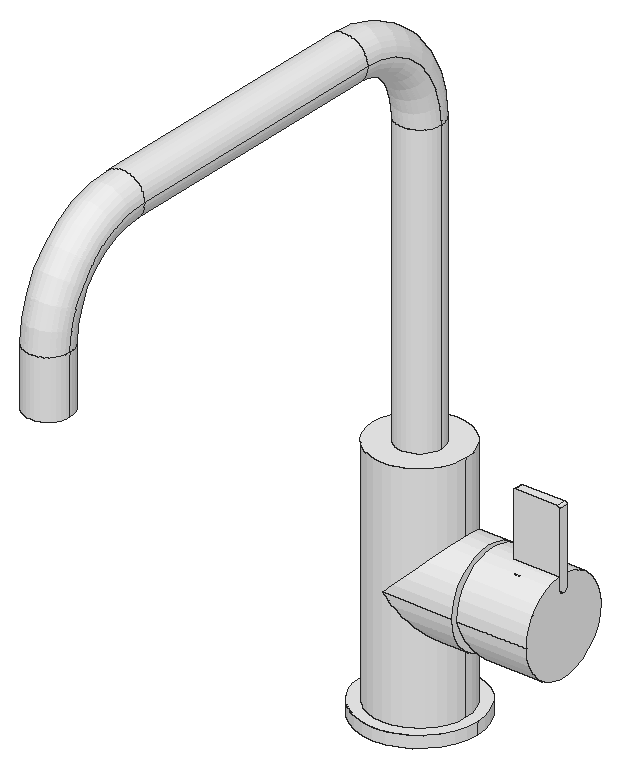
Revit family "CL10017-C4A_CLARK ROUND BLADE SINK MIXER", category Plumbing Fixtures, host Face, Revit 2015
Parameters (values of type "CLARK ROUND BLADE SINK MIXER - Chrome")
  Waste Connection = no
  WELSRating_ANZRS = "4 Star"
  Vent Connection = no
  URL = "https://www.clark.com.au/"
  Model = "CL10017.C4A"
  Material_Handle = GWA_Metal-Chrome
  Material_Base = GWA_Metal-Chrome
  Manufacturer = "GWA Bathrooms & Kitchens"  # constant formula
  HW Connection = yes
  Description = "CLARK ROUND BLADE SINK MIXER"
  Default Elevation = 900 mm
  CreatedBy_ANZRS = "GWA Bathrooms & Kitchens"  # constant formula
  CW Connection = yes
  Assembly Code = "C1030220"
Types (4, lengths in mm): name | Model | Material_Handle | Material_Base
  (no name) | "CL10017.C4A" | GWA_Metal-Chrome | GWA_Metal-Chrome
  CLARK ROUND BLADE SINK MIXER - Chrome | "CL10017.C4A" | GWA_Metal-Chrome | GWA_Metal-Chrome
  CLARK ROUND BLADE SINK MIXER - Black | "CL10017.B4A" | GWA-Metal-Black | GWA-Metal-Black
  CLARK ROUND BLADE SINK MIXER - Black/Brass | "CL10017.BB4A" | GWA-Metal-Brass | GWA-Metal-Black
Reference planes
  plane 1 "Center (Front/Back)": y = 0
  plane 2: z = 0
  plane 3 "Center (Left/Right)": x = 0
Forms (mm)
  Revolve 1, solid, material "GWA_Metal-Chrome" <- "Material_Base"
    sketch origin (30, 0, 55) x (0, 0, -1) y (1, 0, 0)
      loop
        line (0, 0) -> (17, 0)
        arc (17, 0) -> (16.166, 5.258) -> (13.748, 10) r 17
        line (13.748, 10) -> (0, 10) -> (0, 0)
      axis (0, 10) -> (0, 0)
    angle from 0 to 360
  Extrusion 2, solid, material "GWA_Metal-Chrome" <- "Material_Base"
    sketch origin (0, 0, 0) x (1, 0, 0) y (0, 1, 0)
      loop
        circle (0, 0) r 25
    from 0 to 5
  Extrusion 3, solid, material "GWA_Metal-Chrome" <- "Material_Base"
    sketch origin (0, 0, 0) x (1, 0, 0) y (0, 1, 0)
      loop
        circle (0, 0) r 20
    from 5 to 105
  Extrusion 4, solid, material "GWA_Metal-Chrome" <- "Material_Base"
    sketch origin (29, 0, 55) x (0, 1, 0) y (0, 0, 1)
      loop
        circle (0, 0) r 20
    from 3 to 33
  Extrusion 5, solid, material "GWA_Metal-Chrome" <- "Material_Handle"
    sketch origin (29, 0, 55) x (0, 1, 0) y (0, 0, 1)
      loop
        line (-2, 47) -> (-2, 15)
        arc (-2, 15) -> (0, 13) -> (2, 15) r 2
        line (2, 15) -> (2, 47) -> (-2, 47)
    from 13 to 33
  Extrusion 6, void
    sketch origin (29, 0, 55) x (0, 1, 0) y (0, 0, 1)
      loop
        line (-2, 19.9) -> (-2, 15)
        arc (-2, 15) -> (0, 13) -> (2, 15) r 2
        line (2, 15) -> (2, 19.9) -> (2, 24.009) -> (-2, 24.009) -> (-2, 19.9)
    from 13 to 35
  Extrusion 7, void
    sketch origin (29, 0, 55) x (0, 0, -1) y (1, 0, 0)
      loop
        line (-46, 33) -> (-46, 35) -> (-49, 35) -> (-49, 32) -> (-47, 32)
        arc (-47, 32) -> (-46.707, 32.707) -> (-46, 33) r 1
    from -5 to 5
  Extrusion 8, void
    sketch origin (75, 0, 55) x (0, 0, -1) y (1, 0, 0)
      loop
        arc (-46, -33) -> (-46.707, -32.707) -> (-47, -32) r 1
        line (-47, -32) -> (-49, -32) -> (-49, -35) -> (-46, -35) -> (-46, -33)
    from -5 to 5
  Extrusion 9, void
    sketch origin (29, 0, 55) x (0, 0, -1) y (1, 0, 0)
      loop
        line (24.647, 11.996) -> (0, 3) -> (0, 1.996) -> (24.647, 1.996) -> (24.647, 11.996)
    from -25 to 25
  Revolve 10, solid, material "GWA_Metal-Chrome" <- "Material_Base", not visible
    sketch origin (0, 0, 115) x (0, 1, 0) y (0, 0, 1)
      loop
        line (0, 0) -> (18, 0)
        arc (18, 0) -> (16.173, 7.902) -> (11.062, 14.2) r 18
        line (11.062, 14.2) -> (0, 14.2) -> (0, 0)
      axis (0, 14.2) -> (0, 0)
    angle from 0 to 360
  Extrusion 11, solid, material "GWA_Metal-Chrome" <- "Material_Base", not visible
    sketch origin (0, 0, 115) x (-1, 0, 0) y (0, -1, 0)
      loop
        circle (0, 0) r 20
    from 3 to 33
  Extrusion 12, solid, material "GWA_Metal-Chrome" <- "Material_Handle", not visible
    sketch origin (0, 0, 115) x (-1, 0, 0) y (0, -1, 0)
      loop
        line (-2, 47) -> (-2, 15)
        arc (-2, 15) -> (0, 13) -> (2, 15) r 2
        line (2, 15) -> (2, 47) -> (-2, 47)
    from 13 to 33
  Extrusion 13, void, not visible
    sketch origin (0, 0, 115) x (-1, 0, 0) y (0, -1, 0)
      loop
        line (-2, 19.9) -> (-2, 15)
        arc (-2, 15) -> (0, 13) -> (2, 15) r 2
        line (2, 15) -> (2, 19.9) -> (2, 24.009) -> (-2, 24.009) -> (-2, 19.9)
    from 13 to 35
  Extrusion 14, void, not visible
    sketch origin (0, 0, 115) x (0, 1, 0) y (0, 0, 1)
      loop
        line (-46, 33) -> (-46, 35) -> (-49, 35) -> (-49, 32) -> (-47, 32)
        arc (-47, 32) -> (-46.707, 32.707) -> (-46, 33) r 1
    from -5 to 5
  Extrusion 15, void, not visible
    sketch origin (0, 0, 161) x (0, 1, 0) y (0, 0, 1)
      loop
        arc (-46, -33) -> (-46.707, -32.707) -> (-47, -32) r 1
        line (-47, -32) -> (-49, -32) -> (-49, -35) -> (-46, -35) -> (-46, -33)
    from -5 to 5
  Extrusion 16, void, not visible
    sketch origin (0, 0, 115) x (0, 1, 0) y (0, 0, 1)
      loop
        line (24.647, 11.996) -> (0, 3) -> (0, 1.996) -> (24.647, 1.996) -> (24.647, 11.996)
    from -25 to 25
  Extrusion 17, solid, material "GWA_Metal-Chrome" <- "Material_Base"
    sketch origin (0, 0, 20) x (0, 1, 0) y (0, 0, 1)
      loop
        circle (0, 35) r 20
    from 0 to 30
  Sweep 18, solid, material "GWA_Metal-Chrome" <- "Material_Base"
    path origin (0, 0, 0) x (0, 1, 0) y (0, 0, 1)
      loop
        line (0, 105) -> (0, 230)
        arc (0, 230) -> (-11.716, 258.284) -> (-40, 270) r 40
        line (-40, 270) -> (-160, 270)
        arc (-160, 270) -> (-188.284, 258.284) -> (-200, 230) r 40
        line (-200, 230) -> (-200, 205)
    profile origin (0, 0, 167.5) x (0, -1, 0) y (1, 0, 0)
      loop
        circle (0, 0) r 9.5
Cuts and joins
  Extrusion 6 cuts Extrusion 3
  joined: Extrusion 3, Extrusion 17
  Extrusion 6, Extrusion 9 cuts Extrusion 4
  Extrusion 9 cuts Extrusion 2
  Extrusion 7, Extrusion 8 cuts Extrusion 5
Lines and regions (mm)
  Masking region 1
    outline origin (0, 0, 0) x (1, 0, 0) y (0, 1, 0)
      loop
        arc (15, 20) -> (-21.737, 12.349) -> (-9.5, -23.125) r 25
        line (-9.5, -23.125) -> (-9.5, -200)
        arc (-9.5, -200) -> (0, -209.5) -> (9.5, -200) r 9.5
        line (9.5, -200) -> (9.5, -23.125)
        arc (9.5, -23.125) -> (12.349, -21.737) -> (15, -20) r 25
        line (15, -20) -> (30, -20) -> (30, -17)
        arc (30, -17) -> (31.002, -16.97) -> (32, -16.882) r 17
        line (32, -16.882) -> (32, -20) -> (62, -20) -> (62, 20) -> (32, 20) -> (32, 16.882)
        arc (32, 16.882) -> (31.002, 16.97) -> (30, 17) r 17
        line (30, 17) -> (30, 20) -> (15, 20)
  Masking region 2
    outline origin (0, 0, 0) x (1, 0, 0) y (0, 0, 1)
      loop
        line (-25, 0) -> (25, 0) -> (25, 5) -> (20, 5) -> (20, 35) -> (30, 35) -> (30, 38)
        arc (30, 38) -> (33.882, 38.449) -> (37.558, 39.773) r 17
        line (37.558, 39.773) -> (39.3, 35) -> (62, 35) -> (62, 101)
        arc (62, 101) -> (61.707, 101.707) -> (61, 102) r 1
        line (61, 102) -> (43, 102)
        arc (43, 102) -> (42.293, 101.707) -> (42, 101) r 1
        line (42, 101) -> (42, 75) -> (32, 75) -> (32, 71.882)
        arc (32, 71.882) -> (31.002, 71.97) -> (30, 72) r 17
        line (30, 72) -> (30, 75) -> (20, 75) -> (20, 105) -> (9.5, 105) -> (9.5, 270)
        arc (9.5, 270) -> (0, 279.5) -> (-9.5, 270) r 9.5
        line (-9.5, 270) -> (-9.5, 105) -> (-20, 105) -> (-20, 5) -> (-25, 5) -> (-25, 0)
  Masking region 3
    outline origin (0, 0, 0) x (0, 1, 0) y (0, 0, 1)
      loop
        line (-25, 0) -> (25, 0) -> (25, 5) -> (20, 5) -> (20, 105) -> (9.5, 105) -> (9.5, 230)
        arc (9.5, 230) -> (-4.998, 265.002) -> (-40, 279.5) r 49.5
        line (-40, 279.5) -> (-160, 279.5)
        arc (-160, 279.5) -> (-195.002, 265.002) -> (-209.5, 230) r 49.5
        line (-209.5, 230) -> (-209.5, 205) -> (-190.5, 205) -> (-190.5, 230)
        arc (-190.5, 230) -> (-181.567, 251.567) -> (-160, 260.5) r 30.5
        line (-160, 260.5) -> (-40, 260.5)
        arc (-40, 260.5) -> (-18.433, 251.567) -> (-9.5, 230) r 30.5
        line (-9.5, 230) -> (-9.5, 105) -> (-20, 105) -> (-20, 5) -> (-25, 5) -> (-25, 0)
  symbolic lines
    curve 1: line (0, -20, 5) -> (0, 20, 5)
    curve 2: line (-20, 0, 5) -> (20, 0, 5)
    curve 3: line (-9.5, -23.125, 0) -> (-9.5, 0, 0)
    curve 4: arc (-9.5, 0, 0) -> (0, 9.5, 0) -> (9.5, 0, 0) r 9.5
    curve 5: line (9.5, 0, 0) -> (9.5, -23.125, 0)
    curve 6: arc (9.5, -17.6, 0) -> (0, 20, 0) -> (-9.5, -17.6, 0) r 20
    curve 7: line (42, 2, 0) -> (62, 2, 0)
    curve 8: line (42, 2, 0) -> (42, -2, 0)
    curve 9: line (42, -2, 0) -> (62, -2, 0)
    curve 10: line (30, 17, 0) -> (30, -17, 0)
    curve 11: line (32, 16.882, 0) -> (32, -16.882, 0)
    curve 12: line (15, 20, 0) -> (0, 20, 0)
    curve 13: line (15, -20, 0) -> (9.5, -20, 0)
    curve 14: line (20, 0, 75) -> (0, 0, 55)
    curve 15: line (0, 0, 55) -> (20, 0, 35)
    curve 16: line (32, 0, 55) -> (37.558, 0, 39.773)
    curve 17: line (32, 0, 55) -> (32, 0, 71.882)
    curve 18: line (30, 0, 72) -> (30, 0, 38)
    curve 19: line (42, 0, 74.9) -> (62, 0, 74.9)
    curve 20: line (9.5, 0, 105) -> (-9.5, 0, 105)
    curve 21: line (-9.5, 0, 205) -> (9.5, 0, 205)
    curve 22: line (0, -2, 102) -> (0, 2, 102)
    curve 23: line (0, 2, 102) -> (0, 2, 70)
    curve 24: line (0, -2, 70) -> (0, -2, 102)
    curve 25: arc (0, -2, 70) -> (0, 0, 68) -> (0, 2, 70) r 2
    curve 26: arc (0, -2, 74.9) -> (0, 0, 35) -> (0, 2, 74.9) r 20
    curve 27: line (0, -9.5, 105) -> (0, 9.5, 105)
Dimensions and locks
  aligned and locked: plane 2 to host face
  aligned and locked: level to host face
Connectors
  piping at (-10, 0, 0), diameter 20
    settings: index 1, connector inside diameter 609.6 mm, connector length 0 mm, flow factor 0, pipe flow 0.0 L/s, pressure drop 0.0 Pa, fitting loss kfactor 0, connector angle 0.00°, fixture units 0, engagement length 0 mm, angle of deflection 0.00°, flow configuration 3, flow direction 1, fitting loss method 0, system type 19, joint type 0, gender type 0, connector reference index -1, connector utility 0, adjustable connector no, is connector primary yes, connector description ""
  piping at (10, 0, 0), diameter 20
    settings: index 2, connector inside diameter 609.6 mm, connector length 0 mm, flow factor 0, pipe flow 0.0 L/s, pressure drop 0.0 Pa, fitting loss kfactor 0, connector angle 0.00°, fixture units 0, engagement length 0 mm, angle of deflection 0.00°, flow configuration 3, flow direction 1, fitting loss method 0, system type 20, joint type 0, gender type 0, connector reference index -1, connector utility 0, adjustable connector no, is connector primary no, connector description ""
